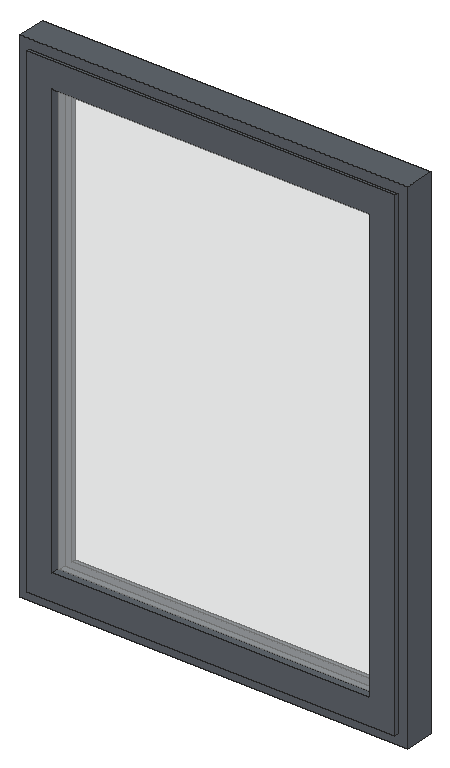
Revit family "Wicline_75_Open_in_concealed_single_casement", category Windows, host Wall, Revit 2014
Parameters
  Youtube clip = ""
  Window Offset = 60 mm
  Weight Net (Kg) = 0
  Watertightness = "E900"
  Uniclass 2015 Name = ""
  Uniclass 2015 Code = ""
  Uniclass 2.0 Description = ""
  Uniclass 2.0 Code = ""
  Uniclass 1.4 Description = ""
  Uniclass 1.4 Code = ""
  URL = "http://www.wicona.com"
  UNSPSC Code = ""
  U-value W/m²k = "0.80 W/(m2K)"
  Technical description = ""
  Sash 1017113 = no
  Sash 1017112 = no
  Sash 1017111 = not(or(Sash 1017112, Sash 1017113))  # yes
  Rough Width = 25.126 mm
  Resistance to wind load = "Class C5/B5"
  Repeated Opening/Closing = "Class 3 (20,000 cycles)"
  Region South America = "None"
  Region Oceania = "None"
  Region North America = "None"
  Region Middle East = "None"
  Region Europe = "AD, AL, AT, AX, BA, BE, BG, BY, CH, CS, CY, CZ, DE, DK, EE, ES, FI, FO, FR, GB, GG, GI, GR, HR, HU, IE, IM, IS, IT, JE, LI, LT, LU, LV, MC, MD, ME, MK, MT, NL, NO, PL, PT, RO, RS, RU, SE, SI, SJ, SK, SM, UA, VA, XK"
  Region Asia = "None"
  Region Antarctica = "None"
  Region Africa = "None"
  Quality Assurance = "Certified according to ISO 9001:2008"
  QR code = "http://bimobject.com/wicona/product/WICLINE_75_TOP_W"
  Product group = "Windows"
  Product family = "Windows & Doors"
  Product data url = "http://bimobject.com/wicona/product/WICLINE_75_TOP_W"
  Product certification = ""
  Product SKU = "WICLINE_75_TOP_W"
  Product Guid = "634b88b1-3b97-4f89-a69a-c855bc4c2ef3"
  Operation = "IFC_WINDOWCASEMENT"
  Operating Forces = "Class 1"
  OmniClass Description = ""
  OmniClass Code = ""
  Nominal width = 100000
  Nominal height = 130000
  NBS Reference Description = ""
  NBS Reference Code = ""
  Model = "Wicline 75 TOP"
  Mechanical Strength = "Class 4"
  Maximum Sash Weight = "150kg as standard design, heavier weights can easily be customised"
  Material secondary = "Glass"
  Material main = "Aluminium"
  Manufacturer name = "Wicona"
  Manufacturer country = "Germany"
  Manufacturer = "Wicona"
  Load Bearing Capacity of Safety Devices = "Passed"
  Leaf Width = Width - 2 * Frame Width 2  # 940 mm
  Leaf Material = WICONA - Aluminium - RAL7016 - Anthracite Grey - Matt
  Leaf Height = Height - 2 * Frame Width 2  # 1240 mm
  Installation instructions = ""
  IFC Classification = ""
  Height = 1300 mm
  Handle Material = Aluminium
  Glass Material = WICONA -  Glass
  Frame Width 2 = Frame Width - 44 mm  # 30 mm
  Frame Width = if(Frame 1017081, 74 mm, 84 mm)  # 74 mm
  Frame Thickness = 75 mm
  Frame Material = WICONA - Aluminium - RAL7016 - Anthracite Grey - Matt
  Frame 1017082 = no
  Frame 1017081 = not(or(Frame 1017082))  # yes
  Edition number = 1
  EN1627 Burglar Resistance = "RC1N, RC2N, RC2, RC3"
  EAN code = ""
  Design country = "Germany"
  Description = "WICONA’s WICLINE 75 TOP is a window system which is equivalent to passive house standards in energy performance. It combines ease of fabrication and the unrivalled quality of conventional aluminium window systems with a 75 mm frame depth and the highest levels thermal performance from one single system."
  Default Sill Height = 800 mm
  Wall Closure = By host
  Width = 1000 mm
  Date of publishing = "3/14/2015"
  COBIe Type Category = ""
  BIMobject category = ""
  Air Permeability = "Class 5"
  Acoustic = "Rw (C;Ctr) = 47 (-1;-4) dB"
Reference planes
  plane 1 "Center (Front/Back)": y = 0
  plane 2 "Center (Left/Right)": x = 0
  plane 3 "Left": x = -500
  plane 4 "Right": x = 500
  plane 5 "Sill": z = 800
  plane 6 "Head": z = 2100
  plane 7 "Exterior": y = 100
  plane 8 "Interior": y = -100
  plane 9 "alap": y = 40
  plane 10: y = -35
  plane 11: x = -470
  plane 12: x = -426
  plane 13: x = 426
  plane 14: y = -45
  plane 15: z = 2070
Forms (mm)
  Sweep 1, solid, material "WICONA - Aluminium - RAL7016 - Anthracite Grey - Matt" <- "Frame Material"
    path in 3D
      loop
        line (-500, -100, 2100) -> (500, -100, 2100) -> (500, -100, 800) -> (-500, -100, 800) -> (-500, -100, 2100)
    profile origin (-500, -100, 1450) x (0, -1, 0) y (1, 0, 0)
      loop
        line (-140, 0) -> (-65, 0) -> (-65, 30) -> (-135.5, 30) -> (-135.5, 74) -> (-140, 74) -> (-140, 0)
Lines and regions (mm)
  Opening 1
    outline origin (3500, -100, 0) x (1, 0, 0) y (0, 0, 1)
      loop
        line (-3000, 800) -> (-3000, 2100) -> (-4000, 2100) -> (-4000, 800) -> (-3000, 800)
  sketch lines
    curve 1: line (-500, -100, 800) -> (-500, -100, 2100)
    curve 2: line (-500, -100, 2100) -> (500, -100, 2100)
    curve 3: line (500, -100, 2100) -> (500, -100, 800)
    curve 4: line (500, -100, 800) -> (-500, -100, 800)
  symbolic lines, style "Windows", detail levels coarse
    curve 5: line (-426, 100, 0) -> (-426, -100, 0)
    curve 6: line (426, 100, 0) -> (426, -100, 0)
    curve 7: line (-426, -35, 0) -> (426, -35, 0)
    curve 8: line (-426, 40, 0) -> (426, 40, 0)
Text (mm)
  text "EXTERIOR" at (-1963.203, 1332.353, 0), in view "Ref. Level"
  text "INTERIOR" at (-1981.466, -818.386, 0), in view "Ref. Level"
  text "Exterior" at (0, 923.751, 2943.296), in view "Right"
  text "Exterior" at (0, 1040.484, 2685.409), in view "Left"
Dimensions and locks
  equal spacing: plane 3 "Left", plane 2 "Center (Left/Right)", plane 4 "Right"
  "Width": plane 3 "Left" to plane 4 "Right"
  "Height": plane 5 "Sill" to plane 6 "Head"
  "Default Sill Height": plane 5 "Sill" to level
  locked: plane 7 "Exterior" to host wall at 0
  locked: plane 8 "Interior" to host wall
  "Frame Thickness": plane 9 "alap" to plane 10
  "Frame Width": plane 3 "Left" to plane 12
  "Frame Width 2": plane 3 "Left" to plane 11
  "Window Offset": host wall to plane 9 "alap"
  "Frame Width": plane 13 to plane 4 "Right"
  locked: plane 14 to plane 10 at 10
  "Frame Width 2": plane 15 to plane 6 "Head"
  aligned and locked: nested 1 to plane 9 "alap"
  aligned and locked: nested 2 to plane 4 "Right"
  aligned and locked: plane 9 "alap" to nested 2
  aligned and locked: profile plane to Sweep 1 sketch curve
  aligned and locked: Sweep 1 sketch curve to plane 11
  aligned and locked: Sweep 1 sketch curve to plane 12
  aligned and locked: Sweep 1 sketch curve to plane 9 "alap"
  aligned and locked: plane 10 to Sweep 1 sketch curve
  aligned and locked: nested 3 to plane 9 "alap"
  aligned and locked: nested 3 to plane 5 "Sill"
  aligned and locked: nested 4 to plane 6 "Head"
  aligned and locked: plane 9 "alap" to nested 4
  aligned and locked: nested 5 to plane 3 "Left"
  aligned and locked: nested 5 to plane 9 "alap"
  aligned and locked: nested 6 to plane 4 "Right"
  aligned and locked: plane 9 "alap" to nested 6
  aligned and locked: nested 7 to plane 5 "Sill"
  aligned and locked: nested 7 to plane 9 "alap"
  aligned and locked: nested 8 to plane 6 "Head"
  aligned and locked: plane 9 "alap" to nested 8
  aligned and locked: plane 13 to curve 7
  aligned and locked: plane 13 to curve 8
  aligned and locked: nested 1 to plane 3 "Left"
  aligned and locked: nested 9 to plane 10
  aligned and locked: plane 11 to nested 9
  aligned and locked: plane 15 to nested 9
Automatic sketch dimensions
  Opening 1 sketch curve to plane 3 "Left" = 0 mm
  Opening 1 sketch curve to plane 4 "Right" = 0 mm
  Opening 1 sketch curve to plane 5 "Sill" = 0 mm
  Opening 1 sketch curve to plane 6 "Head" = 0 mm
  host wall to curve 5 = 0 mm
  curve 5 to plane 12 = 0 mm
  host wall to curve 6 = 0 mm
  curve 6 to plane 13 = 0 mm
  curve 6 to host wall = 0 mm
  curve 5 to host wall = 0 mm
  Sweep 1 sketch curve to Sweep 1 sketch curve = 4.5 mm
  curve 7 to plane 10 = 0 mm
  curve 8 to plane 12 = 0 mm
  curve 7 to plane 12 = 0 mm
  curve 8 to plane 9 "alap" = 0 mm
Nested families
  nested 1: "Frame_1017081" at (-500, 40, 0), visible <- "Frame 1017081", type "Frame_1017081"
  nested 2: "Frame_1017081" at (500, 40, 0) x (-1, 0, 0) z (0, 0, 1), visible <- "Frame 1017081", type "Frame_1017081"
  nested 3: "Frame_1017081" at (-500, 40, 800) x (0, 0, 1) z (-1, 0, 0), visible <- "Frame 1017081", type "Frame_1017081"
  nested 4: "Frame_1017081" at (500, 40, 2100) x (0, 0, -1) z (-1, 0, 0), visible <- "Frame 1017081", type "Frame_1017081"
  nested 5: "Frame_1017082" at (-500, 40, 0), visible <- "Frame 1017082", type "Frame_1017082"
  nested 6: "Frame_1017082" at (500, 40, 0) x (-1, 0, 0) z (0, 0, 1), visible <- "Frame 1017082", type "Frame_1017082"
  nested 7: "Frame_1017082" at (-500, 40, 800) x (0, 0, 1) z (-1, 0, 0), visible <- "Frame 1017082", type "Frame_1017082"
  nested 8: "Frame_1017082" at (-500, 40, 2100) x (0, 0, -1) z (-1, 0, 0), visible <- "Frame 1017082", type "Frame_1017082"
  nested 9: "Leaf_Wicline75_TOP_vent_1017111_12_13" at (-470, -35, 830), type "Leaf_Wicline75_TOP_vent_1017111_12_13"
Definition of nested family "Leaf_Wicline75_TOP_vent_1017111_12_13"
  Parameters (values of type "Leaf_Wicline75_TOP_vent_1017111_12_13")
    Sash 1017113 = no
    Sash 1017112 = no
    Sash 1017111 = yes
    Leaf Width = 940 mm
    Leaf Material = WICONA - Aluminium - RAL7016 - Anthracite Grey - Matt
    Leaf Height = 1240 mm
    Handle Material = Aluminium
    Handle Height = 550 mm  # constant formula
    Glass Width = if(Sash 1017111, 49 mm, if(Sash 1017112, 46 mm, 42 mm))  # 49 mm
    Glass Offset = 37.832 mm
    Glass Material = WICONA -  Glass
  Reference planes
    plane 1 "Center (Front/Back)": y = 0
    plane 2: z = 0
    plane 3 "Center (Left/Right)": x = 0
    plane 4: x = 940
    plane 5: z = 1240
    plane 6: x = 37.832
    plane 7: x = 902.168
    plane 8: z = 1202.168
    plane 9: z = 37.832
    plane 10: y = 75
    plane 11: x = 52.832
    plane 12: z = 587.832
    plane 13: x = 18.916
    plane 14: y = 10.667
    plane 15: y = 59.667
    plane 16: y = 10.667
    plane 17: y = 59.667
    plane 18: y = 35.167
    plane 19: y = 37.679
    plane 20: y = 32.679
    plane 21: y = -10
  Forms (mm)
    Sweep 1, solid, material "WICONA - Aluminium - RAL7016 - Anthracite Grey - Matt" <- "Leaf Material", detail levels medium+fine
      path origin (0, 0, 0) x (1, 0, 0) y (0, 0, 1)
        loop
          line (0, 0) -> (940, 0) -> (940, 1240) -> (0, 1240) -> (0, 0)
      profile origin (0, 0, 620) x (-1, 0, 0) y (0, -1, 0)
        loop
          line (5.129, 10) -> (-59.824, 10) -> (-59.824, -10.667) -> (-37.832, -10.667) -> (-37.832, -59.667) -> (-54.587, -59.667) -> (-54.587, -70.69) -> (-37.832, -70.69) -> (-37.832, -68.785) -> (-20.832, -68.785) -> (-20.832, -52.5) -> (-12.982, -52.5) -> (-12.982, 0) -> (5.129, 0) -> (5.129, 10)
    Extrusion 2, solid, material "WICONA -  Glass" <- "Glass Material", detail levels medium+fine
      sketch origin (0, 0, 0) x (1, 0, 0) y (0, 0, 1)
        loop
          line (37.832, 1202.168) -> (37.832, 37.832) -> (902.168, 37.832) -> (902.168, 1202.168) -> (37.832, 1202.168)
      from -59.667 to -10.667
  Lines and regions (mm)
    symbolic lines, style "GenericModel", detail levels medium+fine
      curve 1: line (54.587, 70.69, 0) -> (885.413, 70.69, 0)
      curve 2: line (59.824, -10, 0) -> (880.176, -10, 0)
      curve 3: line (0, -10, 1202.168) -> (0, -10, 37.832)
      curve 4: line (0, 70.69, 1202.168) -> (0, 70.69, 37.832)
      curve 5: line (37.832, 53.715, 0) -> (902.168, 53.715, 0)
      curve 6: line (37.832, 16.667, 0) -> (902.168, 16.667, 0)
      curve 7: line (0, 16.5, 1202.168) -> (0, 16.5, 37.832)
      curve 8: line (0, 53.66, 1202.168) -> (0, 53.66, 37.832)
      curve 9: line (0, 59.667, 1202.168) -> (0, 59.667, 37.832)
      curve 10: line (0, 10.667, 1202.168) -> (0, 10.667, 37.832)
      curve 11: line (37.832, 59.667, 0) -> (902.168, 59.667, 0)
      curve 12: line (37.832, 10.667, 0) -> (902.168, 10.667, 0)
      curve 16: line (37.832, 32.567, 0) -> (902.168, 32.567, 0)
      curve 17: line (37.832, 37.567, 0) -> (902.168, 37.567, 0)
    reference lines
      curve 13: line (-50.529, 35.167, 0) -> (-25.529, 35.167, 0)
      curve 14: line (-27.315, 37.567, 0) -> (-19.849, 37.567, 0)
      curve 15: line (-27.315, 32.567, 0) -> (-19.849, 32.567, 0)
    model lines
      curve 18: line (0, 37.679, 1202.168) -> (0, 37.679, 37.832)
      curve 19: line (0, 32.679, 1202.168) -> (0, 32.679, 37.832)
  Dimensions and locks
    "Leaf Width": plane 3 "Center (Left/Right)" to plane 4
    "Leaf Height": plane 5 to level
    "Glass Offset": plane 3 "Center (Left/Right)" to plane 6
    "Glass Offset": plane 7 to plane 4
    "Glass Offset": plane 5 to plane 8
    "Glass Offset": plane 9 to level
    locked: plane 10 to plane 1 "Center (Front/Back)" at 75  (x2)
    locked: plane 6 to plane 11 at 15
    equal spacing: plane 6, plane 13, plane 3 "Center (Left/Right)"
    level to plane 12 = 587.832 mm
    locked: plane 15 to plane 10 at 15.333
    "Glass Width": plane 14 to plane 15
    equal spacing: plane 14, curve 13, plane 15
    curve 15 to curve 13 to curve 14 = 2.6 mm locked, 2.4 mm locked
    locked: plane 10 to plane 17 at 15.333
    "Glass Width": plane 17 to plane 16
    equal spacing: plane 15, plane 18, plane 14
    plane 19 to plane 18 to plane 20 = 2.512 mm locked, 2.488 mm locked
    "Handle Height": plane 12 to plane 9
    aligned and locked: level to plane 2
    aligned and locked: plane 8 to Extrusion 2
    aligned and locked: Extrusion 2 to plane 9
    aligned and locked: Extrusion 2 to plane 6
    aligned and locked: plane 7 to Extrusion 2
    aligned and locked: Extrusion 2 to Sweep 1  (x2)
    aligned and locked: Sweep 1 to curve 1
    aligned and locked: curve 1 to Sweep 1  (x2)
    aligned and locked: Sweep 1 to curve 2  (x2)
    aligned and locked: curve 2 to Sweep 1
    aligned and locked: plane 8 to curve 3
    aligned and locked: plane 8 to curve 4
    aligned and locked: plane 9 to curve 3
    aligned and locked: plane 9 to curve 4
    aligned and locked: Sweep 1 to curve 3
    aligned and locked: curve 4 to Sweep 1
    aligned and locked: plane 6 to curve 5
    aligned and locked: plane 7 to curve 6
    aligned and locked: plane 7 to curve 5
    aligned and locked: plane 8 to curve 8
    aligned and locked: plane 8 to curve 7
    aligned and locked: plane 9 to curve 7
    aligned and locked: plane 9 to curve 8
    aligned and locked: plane 8 to curve 9
    aligned and locked: plane 8 to curve 10
    aligned and locked: plane 9 to curve 9
    aligned and locked: plane 9 to curve 10
    aligned and locked: curve 10 to Extrusion 2
    aligned and locked: curve 9 to Extrusion 2
    aligned and locked: plane 7 to curve 11
    aligned and locked: plane 7 to curve 12
    aligned and locked: curve 12 to Extrusion 2
    aligned and locked: curve 11 to Extrusion 2
    aligned and locked: plane 1 "Center (Front/Back)" to nested 1
    aligned and locked: plane 3 "Center (Left/Right)" to nested 1
    aligned and locked: nested 2 to plane 1 "Center (Front/Back)"
    aligned and locked: plane 4 to nested 2
    aligned and locked: plane 1 "Center (Front/Back)" to nested 3
    aligned and locked: plane 3 "Center (Left/Right)" to nested 3
    aligned and locked: plane 4 to nested 4
    aligned and locked: nested 4 to plane 1 "Center (Front/Back)"
    aligned and locked: plane 1 "Center (Front/Back)" to nested 5
    aligned and locked: plane 3 "Center (Left/Right)" to nested 5
    aligned and locked: nested 6 to plane 1 "Center (Front/Back)"
    aligned and locked: plane 4 to nested 6
    aligned and locked: plane 14 to Sweep 1 sketch curve
    aligned and locked: plane 6 to curve 17
    aligned and locked: plane 7 to curve 17
    aligned and locked: plane 6 to curve 16
    aligned and locked: plane 7 to curve 16
    aligned and locked: curve 15 to curve 16
    aligned and locked: curve 14 to curve 17
    aligned and locked: plane 1 "Center (Front/Back)" to nested 7
    aligned and locked: nested 7 to plane 5
    aligned and locked: nested 8 to plane 2
    aligned and locked: nested 8 to plane 1 "Center (Front/Back)"
    aligned and locked: nested 9 to plane 5
    aligned and locked: plane 1 "Center (Front/Back)" to nested 9
    aligned and locked: nested 10 to plane 2
    aligned and locked: nested 10 to plane 1 "Center (Front/Back)"
    aligned and locked: nested 11 to plane 5
    aligned and locked: plane 1 "Center (Front/Back)" to nested 11
    aligned and locked: nested 12 to plane 2
    aligned and locked: nested 12 to plane 1 "Center (Front/Back)"
    aligned and locked: plane 8 to curve 18
    aligned and locked: plane 8 to curve 19
    aligned and locked: plane 20 to curve 19
    aligned and locked: plane 19 to curve 18
    aligned and locked: plane 9 to curve 18
    aligned and locked: plane 9 to curve 19
    aligned and locked: plane 6 to nested 13
    aligned and locked: nested 13 to plane 21
    aligned and locked: nested 13 to plane 12
  Automatic sketch dimensions
    Sweep 1 sketch curve to plane 3 "Center (Left/Right)" = 0 mm
    Sweep 1 sketch curve to level = 0 mm
    Sweep 1 sketch curve to plane 4 = 0 mm
    Sweep 1 sketch curve to plane 5 = 0 mm
    curve 13 to plane 3 "Center (Left/Right)" = 50.529 mm
    curve 13 to curve 14 = 23.215 mm
    curve 15 to curve 14 = 0 mm
    curve 14 to curve 13 = 1.785 mm
    curve 13 to curve 15 = 5.68 mm
    curve 13 to curve 14 = 5.68 mm
    curve 12 to plane 6 = 0 mm
    curve 6 to plane 6 = 0 mm
    curve 11 to plane 6 = 0 mm
    curve 12 to curve 6 = 6 mm
    curve 5 to curve 11 = 5.952 mm
    Extrusion 2 sketch curve to plane 6 = 0 mm
    Extrusion 2 sketch curve to plane 7 = 0 mm
    Extrusion 2 sketch curve to plane 9 = 0 mm
    Extrusion 2 sketch curve to plane 8 = 0 mm
    plane 14 to curve 7 = 5.833 mm
    curve 8 to curve 9 = 6.007 mm
    plane 1 "Center (Front/Back)" to Sweep 1 sketch curve = 0 mm
    profile plane to Sweep 1 sketch curve = 59.824 mm
    profile plane to Sweep 1 sketch curve = 54.587 mm
    Sweep 1 sketch curve to Sweep 1 sketch curve = 16.755 mm
    Sweep 1 sketch curve to Sweep 1 sketch curve = 21.992 mm
    Sweep 1 sketch curve to Sweep 1 sketch curve = 17 mm
    profile plane to Sweep 1 sketch curve = 12.982 mm
    Sweep 1 sketch curve to profile plane = 5.129 mm
    Sweep 1 sketch curve to Sweep 1 sketch curve = 41.833 mm
    Sweep 1 sketch curve to Sweep 1 sketch curve = 7.167 mm
    Sweep 1 sketch curve to Sweep 1 sketch curve = 9.118 mm
    Sweep 1 sketch curve to Sweep 1 sketch curve = 1.904 mm
    plane 1 "Center (Front/Back)" to Sweep 1 sketch curve = 10 mm
  Nested families
    nested 1: "Sash_1017111" at (0, 0, 0), visible <- "Sash 1017111", type "Sash_1017111"
    nested 2: "Sash_1017111" at (940, 0, 0) x (-1, 0, 0) z (0, 0, 1), visible <- "Sash 1017111", type "Sash_1017111"
    nested 3: "Sash_1017112" at (0, 0, 0), visible <- "Sash 1017112", type "Sash_1017112"
    nested 4: "Sash_1017112" at (940, 0, 0) x (-1, 0, 0) z (0, 0, 1), visible <- "Sash 1017112", type "Sash_1017112"
    nested 5: "Sash_1017113" at (0, 0, 0), visible <- "Sash 1017113", type "Sash_1017113"
    nested 6: "Sash_1017113" at (940, 0, 0) x (-1, 0, 0) z (0, 0, 1), visible <- "Sash 1017113", type "Sash_1017113"
    nested 7: "Sash_1017111" at (0, 0, 1240) x (0, 0, -1) z (1, 0, 0), visible <- "Sash 1017111", type "Sash_1017111", detail levels medium+fine
    nested 8: "Sash_1017111" at (0, 0, 0) x (0, 0, 1) z (1, 0, 0), visible <- "Sash 1017111", type "Sash_1017111", detail levels medium+fine
    nested 9: "Sash_1017112" at (0, 0, 1240) x (0, 0, -1) z (1, 0, 0), visible <- "Sash 1017112", type "Sash_1017112"
    nested 10: "Sash_1017112" at (0, 0, 0) x (0, 0, 1) z (1, 0, 0), visible <- "Sash 1017112", type "Sash_1017112"
    nested 11: "Sash_1017113" at (0, 0, 1240) x (0, 0, -1) z (1, 0, 0), visible <- "Sash 1017113", type "Sash_1017113"
    nested 12: "Sash_1017113" at (0, 0, 0) x (0, 0, 1) z (1, 0, 0), visible <- "Sash 1017113", type "Sash_1017113"
    nested 13: "Handle_door_3" at (37.832, -10, 587.832), type "Handle_door_3"
  Definition of nested family "Sash_1017111"
    Reference planes
      plane 1 "Center (Front/Back)": y = 0
      plane 2: z = 0
      plane 3 "Center (Left/Right)": x = 0
      plane 4: y = 75
    Lines and regions (mm)
      Filled region 1, type "Concrete", in view "Ref. Level", detail levels medium
        outline origin (20.832, 75, 0) x (1, 0, 0) y (0, 1, 0)
          loop
            line (33.755, -4.31) -> (16.94, -4.31) -> (16.94, -6.215) -> (0, -6.215) -> (0, -22.5) -> (-7.85, -22.5) -> (-7.85, -75) -> (-25.961, -75) -> (-25.961, -85) -> (38.992, -85) -> (38.992, -64.452) -> (16.94, -64.452) -> (16.94, -15.333) -> (33.755, -15.333) -> (33.755, -4.31)
      detail lines, style "GLAS", in view "Ref. Level", detail levels fine
        curve 1: line (37.772, 10.548, 0) -> (37.772, 59.667, 0)
        curve 2: line (47.772, 53.715, 0) -> (47.772, 37.548, 0)
        curve 3: line (47.772, 32.548, 0) -> (47.772, 16.548, 0)
      detail lines, style "GLAS", in view "Ref. Level", not visible
        curve 4: line (180.194, 39.368, 0) -> (220.288, 39.368, 0)
        curve 5: line (220.288, 87.481, 0) -> (180.194, 87.481, 0)
        curve 8: line (180.194, 39.368, 0) -> (220.288, 39.368, 0)
        curve 9: line (220.288, 87.481, 0) -> (180.194, 87.481, 0)
      detail lines, style "GLAS", in view "Ref. Level", not visible, detail levels fine
        curve 6: line (220.288, 39.368, 0) -> (180.194, 39.368, 0)
        curve 7: line (180.194, 87.481, 0) -> (220.288, 87.481, 0)
        curve 10: line (220.288, 39.368, 0) -> (180.194, 39.368, 0)
        curve 11: line (180.194, 87.481, 0) -> (220.288, 87.481, 0)
  Definition of nested family "Sash_1017112"
    Reference planes
      plane 1 "Center (Front/Back)": y = 0
      plane 2: z = 0
      plane 3 "Center (Left/Right)": x = 0
      plane 4: y = 75
    Lines and regions (mm)
      Filled region 1, type "Concrete", in view "Ref. Level", detail levels medium
        outline origin (20.832, 75, 0) x (1, 0, 0) y (0, 1, 0)
          loop
            line (33.755, -4.31) -> (16.94, -4.31) -> (16.94, -6.215) -> (0, -6.215) -> (0, -22.5) -> (-7.85, -22.5) -> (-7.85, -75) -> (-25.961, -75) -> (-25.961, -85) -> (38.992, -85) -> (38.992, -61.449) -> (16.94, -61.449) -> (16.94, -15.336) -> (33.755, -15.336) -> (33.755, -4.31)
      detail lines, style "GLAS", in view "Ref. Level", detail levels fine
        curve 1: line (37.772, 13.551, 0) -> (37.772, 59.664, 0)
        curve 2: line (47.772, 53.739, 0) -> (47.772, 39.067, 0)
        curve 3: line (47.772, 34.067, 0) -> (47.772, 19.503, 0)
      detail lines, style "GLAS", in view "Ref. Level", not visible
        curve 4: line (180.194, 39.368, 0) -> (220.288, 39.368, 0)
        curve 5: line (220.288, 87.481, 0) -> (180.194, 87.481, 0)
        curve 8: line (180.194, 39.368, 0) -> (220.288, 39.368, 0)
        curve 9: line (220.288, 87.481, 0) -> (180.194, 87.481, 0)
      detail lines, style "GLAS", in view "Ref. Level", not visible, detail levels fine
        curve 6: line (220.288, 39.368, 0) -> (180.194, 39.368, 0)
        curve 7: line (180.194, 87.481, 0) -> (220.288, 87.481, 0)
        curve 10: line (220.288, 39.368, 0) -> (180.194, 39.368, 0)
        curve 11: line (180.194, 87.481, 0) -> (220.288, 87.481, 0)
  Definition of nested family "Sash_1017113"
    Reference planes
      plane 1 "Center (Front/Back)": y = 0
      plane 2: z = 0
      plane 3 "Center (Left/Right)": x = 0
      plane 4: y = 75
    Lines and regions (mm)
      Filled region 1, type "Concrete", in view "Ref. Level", detail levels medium
        outline origin (20.832, 75, 0) x (1, 0, 0) y (0, 1, 0)
          loop
            line (33.755, -4.31) -> (16.94, -4.31) -> (16.94, -6.215) -> (0, -6.215) -> (0, -22.5) -> (-7.85, -22.5) -> (-7.85, -75) -> (-25.961, -75) -> (-25.961, -85) -> (38.992, -85) -> (38.992, -57.362) -> (16.94, -57.362) -> (16.94, -15.336) -> (33.755, -15.336) -> (33.755, -4.31)
      detail lines, style "GLAS", in view "Ref. Level", detail levels fine
        curve 1: line (37.772, 17.638, 0) -> (37.772, 59.664, 0)
        curve 2: line (47.772, 53.645, 0) -> (47.772, 41.52, 0)
        curve 3: line (47.772, 36.52, 0) -> (47.772, 23.59, 0)
      detail lines, style "GLAS", in view "Ref. Level", not visible
        curve 4: line (180.194, 39.368, 0) -> (220.288, 39.368, 0)
        curve 5: line (220.288, 87.481, 0) -> (180.194, 87.481, 0)
        curve 8: line (180.194, 39.368, 0) -> (220.288, 39.368, 0)
        curve 9: line (220.288, 87.481, 0) -> (180.194, 87.481, 0)
      detail lines, style "GLAS", in view "Ref. Level", not visible, detail levels fine
        curve 6: line (220.288, 39.368, 0) -> (180.194, 39.368, 0)
        curve 7: line (180.194, 87.481, 0) -> (220.288, 87.481, 0)
        curve 10: line (220.288, 39.368, 0) -> (180.194, 39.368, 0)
        curve 11: line (180.194, 87.481, 0) -> (220.288, 87.481, 0)
Definition of nested family "Frame_1017081"
  Reference planes
    plane 1 "Center (Front/Back)": y = 0
    plane 2: z = 0
    plane 3 "Center (Left/Right)": x = 0
  Lines and regions (mm)
    Filled region 1, type "Concrete", in view "Ref. Level", detail levels medium
      outline origin (0, 0, 0) x (1, 0, 0) y (0, 1, 0)
        loop
          line (0, 0) -> (0, -75) -> (30, -75) -> (30, -4.5) -> (74, -4.5) -> (74, 0) -> (0, 0)
  Dimensions and locks
    aligned and locked: plane 3 "Center (Left/Right)" to import instance
Definition of nested family "Frame_1017082"
  Reference planes
    plane 1 "Center (Front/Back)": y = 0
    plane 2: z = 0
    plane 3 "Center (Left/Right)": x = 0
  Lines and regions (mm)
    Filled region 1, type "Concrete", in view "Ref. Level", detail levels medium
      outline origin (0, 0, 0) x (1, 0, 0) y (0, 1, 0)
        loop
          line (0, 0) -> (0, -75) -> (40, -75) -> (40, -4.5) -> (84, -4.5) -> (84, 0) -> (0, 0)
  Dimensions and locks
    aligned and locked: plane 3 "Center (Left/Right)" to import instance
